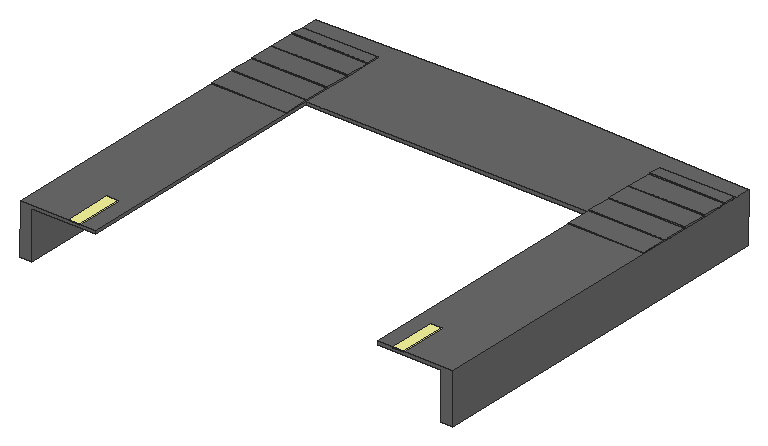
Revit family "Dock_Shelter_Nova-Tech_RF", category Generic Models, Revit 2017
Family settings
  Can host rebar = No
  Round Connector Dimension = Use Diameter
  Part Type = Normal
  OmniClass Number = 23.50.70.24
  OmniClass Title = Seals and Shelters
  Work Plane-Based = Yes
  Always vertical = No
  Cut with Voids When Loaded = No
  Shared = No
  Room Calculation Point = No
Parameters
  projectionabs [instance] = abs(Projection_Top - Projection_Bottom) / 0' 1"  # 0
  guidelength [instance] = if(Full Length Guide Strip, Unit Height - Curtain Drop - 0' 7 1/2", 1' 3")  # 1' - 3"
  faceangle [instance] = if(Projection_Top > Projection_Bottom, atan(projectionabs / ((Unit Height + Header Height) / 0' 1")), -atan(projectionabs / ((Unit Height + Header Height) / 0' 1")))  # 0.00°
  Warranty Duration (Years) = 0
  Unit Width [instance] = (Opening Width + (Panel Width_Front * 2))  # 11' - 6"
  Unit Height [instance] = 10' - 0"
  Unit Depth [instance] = if(Projection_Top > Projection_Bottom, Projection_Top, Projection_Bottom)  # 1' - 4"
  URL = "http://www.novalocks.com/"
  Test Data = ""
  Specification = "http://arcat.com/arcatcos/cos43/arc43493.html?isac=1&r=2"
  SpecWizard = ""
  Send Message = "http://www.arcat.com/users.pl?action=UserEmail&company=Nova+Technology&coid=43493&rep=132&fax=262-502-1511&mf="
  Sales Information = "http://www.novalocks.com/general-contact-info/"
  Revision = "R1_02-2013"
  Pull Rope System for Drop Curtain [instance] = yes
  Projection_Top [instance] = 1' - 4"
  Projection_Bottom [instance] = 1' - 4"
  Product Properties = ""
  Product Data = "http://arcat.com/arcatcos/cos43/arc43493.html?isac=1&r=2"
  Panel Width_Front [instance] = 2' - 0"
  Panel Width_Back = 0' - 3 5/8"
  Overall Height [instance] = Unit Height + Header Height  # 10' - 0"
  Opening Width Minimum = 6' - 6"
  Opening Width Maximum = 8' - 6"
  Opening Width [instance] = 7' - 6"
  Opening Height Minimum = 3' - 0"
  Opening Height Maximum = 12' - 0"
  Opening Height [instance] = Unit Height + Header Height  # 10' - 0"
  Model = "As Specified"
  Material = Polyethylene Sheeting - Black
  Manufacturer Website = "http://www.novalocks.com/"
  Manufacturer Phone - Toll Free = "800-236-7325"
  Manufacturer Phone = "262-502-1591"
  Manufacturer Fax = "262-502-1511"
  Manufacturer Address = "N90 W14507 Commerce Dr. Menomonee Falls, WI 53051"
  Manufacturer = "Nova Technology"
  Maintenance Schedule (Months) = 0
  Keynote = "11160"
  Installation-Fabrication = ""
  Installation Phase = ""
  Header Height = 0' - 0"  # constant formula
  Guide Color = Polyethylene Sheeting - Yellow
  Green Building-LEED = ""
  Full Length Guide Strip [instance] = no
  Expected Lifespan (Years) = 0
  Drop Curtain [instance] = yes
  Drawn By = "Sumex Design, Inc. / Robert S. Weygant, CSI, CDT, SCIP"
  Description = "Nova Technology Dock Seal as Specified"
  Default Elevation = 4' - 0"
  Curtain Drop [instance] = 3' - 0"
  Copyright = "©Arcat Inc."
  Construction Details = ""
  Building Codes = ""
  Assembly Code = "E1030300"
Reference planes (in)
  plane 1 "Base": y = 0
  plane 2 "Host": z = 0
  plane 3 "Center (Left/Right)": x = 0
  plane 4 "OH": y = 120
  plane 5 "Left": x = -45
  plane 6 "Right": x = 45
  plane 7 "Front": z = 16
  plane 8: x = -69
  plane 9: x = 69
  plane 10: x = -45
  plane 11: x = 45
  plane 12: y = 120
  plane 13: y = 84
  plane 14: z = 16
  plane 15: z = 16
  plane 16: x = -65.375
  plane 17: x = 65.375
  plane 18: z = 15.75
  plane 19: y = 76.5
  plane 20: y = 15
Forms (in)
  Extrusion 1, solid, material "Polyethylene Sheeting - Black" <- "Material"
    sketch origin (0, 0, 0) x (0, 1, 0) y (0, 0, 1)
      loop
        line (0, 0) -> (120, 0) -> (120, 16) -> (0, 16) -> (0, 0)
    from -69 to 69
  Extrusion 2, void
    sketch origin (0, 0, 0) x (0, 1, 0) y (0, 0, 1)
      loop
        line (84, 0) -> (84, 16) -> (0, 16) -> (0, 0) -> (84, 0)
    from -45 to 45
  Extrusion 3, void
    sketch origin (0, 0, 0) x (1, 0, 0) y (0, 1, 0)
      loop
        line (-69, 122) -> (-69, 118) -> (0, 120) -> (69, 118) -> (69, 122) -> (-69, 122)
    from 0 to 16
  Extrusion 4, void
    sketch origin (0, 0, 0) x (0, 1, 0) y (0, 0, 1)
      loop
        line (0, 15) -> (0, 0) -> (114.10339, 0) -> (114.10339, 15) -> (0, 15)
    from -65.375 to 65.375
  Extrusion 5, solid, material "Polyethylene Sheeting - Yellow" <- "Guide Color"
    sketch origin (45, 170.28931, 48) x (0, 1, 0) y (0, 0, 1)
      loop
        line (-155.28931, -32) -> (-155.28931, -31.75) -> (-170.28931, -31.75) -> (-170.28931, -32) -> (-155.28931, -32)
    from 5 to 8.5
  Extrusion 6, solid, material "Polyethylene Sheeting - Yellow" <- "Guide Color"
    sketch origin (-45, 170.28931, 48) x (0, 1, 0) y (0, 0, 1)
      loop
        line (-155.28931, -32) -> (-155.28931, -31.75) -> (-170.28931, -31.75) -> (-170.28931, -32) -> (-155.28931, -32)
    from -5 to -8.5
Cuts and joins
  Extrusion 2, Extrusion 3, Extrusion 4 cuts Extrusion 1
Lines and regions (in)
  reference lines
    curve 1: line (0, 76.5, 16) -> (0, 76.5, 19.45777)
Dimensions and locks (in)
  equal spacing: plane 5 "Left", plane 3 "Center (Left/Right)", plane 6 "Right"
  equal spacing: plane 8, plane 3 "Center (Left/Right)", plane 9
  "Opening Width": plane 5 "Left" to plane 6 "Right"
  "Unit Width": plane 8 to plane 9
  "Unit Height": plane 1 "Base" to plane 4 "OH"
  "Unit Depth": plane 7 "Front" to level
  "Panel Width_Front": plane 8 to plane 10
  "Panel Width_Front": plane 11 to plane 9
  "Header Height": plane 12 to plane 4 "OH"
  "Curtain Drop": plane 4 "OH" to plane 13
  "Projection_Top": plane 14 to level
  "Projection_Bottom": plane 15 to level
  "Panel Width_Back": plane 8 to plane 16
  "Panel Width_Back": plane 17 to plane 9
  locked: Extrusion 3 sketch curve to plane 12 at 2
  locked: plane 12 to Extrusion 3 sketch curve at 2  (x2)
  locked: plane 7 "Front" to plane 18 at 0.25
  locked: Extrusion 4 sketch curve to plane 12 at 5.89661
  locked: plane 13 to plane 19 at 7.5
  "guidelength": plane 1 "Base" to plane 20
  locked: Extrusion 5 sketch curve to cut or joined group of Extrusion 1, Extrusion 2, Extrusion 3, Extrusion 4 at 0.25
  locked: Extrusion 6 sketch curve to cut or joined group of Extrusion 1, Extrusion 2, Extrusion 3, Extrusion 4 at 0.25
  locked: cut or joined group of Extrusion 1, Extrusion 2, Extrusion 3, Extrusion 4 to Extrusion 4 sketch curve at 1
  "faceangle": angle plane 4 "OH" to curve 1
  aligned and locked: plane 1 "Base" to Extrusion 1 sketch curve
  aligned and locked: Extrusion 1 sketch curve to level
  aligned and locked: plane 9 to Extrusion 1
  aligned and locked: plane 12 to Extrusion 1 sketch curve  (x2)
  aligned and locked: plane 14 to Extrusion 1 sketch curve
  aligned and locked: Extrusion 1 to plane 8
  aligned and locked: Extrusion 2 sketch curve to level
  aligned and locked: Extrusion 2 sketch curve to plane 7 "Front"
  aligned and locked: plane 1 "Base" to Extrusion 2 sketch curve
  aligned and locked: plane 11 to Extrusion 2
  aligned and locked: Extrusion 2 to plane 10
  aligned and locked: plane 9 to nested 2
  aligned and locked: plane 15 to Extrusion 1 sketch curve
  aligned and locked: plane 8 to nested 1
  aligned and locked: nested 1 to cut or joined group of Extrusion 1, Extrusion 2, Extrusion 3, Extrusion 4
  aligned and locked: plane 15 to curve 1
  aligned and locked: Extrusion 3 sketch curve to plane 8
  aligned and locked: Extrusion 3 to plane 7 "Front"
  aligned and locked: plane 13 to Extrusion 2 sketch curve
  aligned and locked: Extrusion 4 sketch curve to plane 1 "Base"
  aligned and locked: plane 17 to Extrusion 4
  aligned and locked: Extrusion 4 to plane 16
  aligned and locked: curve 1 to nested 2
  aligned and locked: nested 1 to curve 1
  aligned and locked: plane 19 to curve 1
  aligned and locked: plane 1 "Base" to Extrusion 5 sketch curve
  aligned and locked: cut or joined group of Extrusion 1, Extrusion 2, Extrusion 3, Extrusion 4 to Extrusion 5 sketch curve
  aligned and locked: cut or joined group of Extrusion 1, Extrusion 2, Extrusion 3, Extrusion 4 to Extrusion 6 sketch curve
  aligned and locked: Extrusion 6 sketch curve to plane 1 "Base"
  aligned and locked: plane 20 to Extrusion 5 sketch curve
  aligned and locked: plane 20 to Extrusion 6 sketch curve
Automatic sketch dimensions
  Extrusion 3 sketch curve to plane 3 "Center (Left/Right)" = 0' - 0"
  Extrusion 3 sketch curve to plane 9 = 0' - 0"
  Extrusion 3 sketch curve to plane 4 "OH" = 0' - 0"
  Extrusion 4 sketch curve to level = 0' - 0"
Nested families (in)
  nested 1: "Pleats" at (-69, 76.5, 16), Width <- "Panel Width_Front", Full Length Guide Strip <- "Full Length Guide Strip", Unit Height <- "Curtain Drop", type "8in Spacing"
    with lastpleat yes, Width 2' - 0", Unit Height 3' - 0", Remainder 0' - 4", Pleatscount 3.4, Pleats 3, Last Pleat 0' - 4", Guide Strip Length 2' - 0", Full Length Guide Strip no
  nested 2: "Pleats" at (69, 76.5, 16) x (-1, 0, 0) z (0, 0, 1), Width <- "Panel Width_Front", Full Length Guide Strip <- "Full Length Guide Strip", Unit Height <- "Curtain Drop", type "8in Spacing"
    with lastpleat yes, Width 2' - 0", Unit Height 3' - 0", Remainder 0' - 4", Pleatscount 3.4, Pleats 3, Last Pleat 0' - 4", Guide Strip Length 2' - 0", Full Length Guide Strip no
Definition of nested family "Pleats"
  Parameters
    lastpleat [instance] = Remainder > 0' 0"  # yes
    Width [instance] = 1' - 0"
    Unit Height [instance] = 3' - 0"
    Pleatscount [instance] = (Unit Height / Pleat Spacing) - 1.1  # 3.4
    Pleats [instance] = Pleatscount  # 3
    Pleat Spacing = 0' - 8"
    Material = none
    Remainder [instance] = Unit Height - ((Pleats + 1) * (Pleat Spacing / 0' 1")) * 0' 1"  # 0' - 4"
    Last Pleat [instance] = if(Remainder = 0' 0", Pleat Spacing, Remainder)  # 0' - 4"
    Guide Strip Length [instance] = if(Full Length Guide Strip, Unit Height, 2' 0")  # 3' - 0"
    Guide Strip = none
    Full Length Guide Strip [instance] = yes
    Default Elevation = 4' - 0"
    Assembly Code = ""
    Armor Pleats = yes
  Reference planes (in)
    plane 1 "Center (Front/Back)": y = 0
    plane 2: z = 0
    plane 3 "Center (Left/Right)": x = 0
    plane 4: x = 12
    plane 5: y = 36
  Forms (in)
    Extrusion 1, solid, material <- "Material", visible <- "Armor Pleats"
      sketch origin (0, 0, 0) x (0, 1, 0) y (0, 0, 1)
        loop
          line (0, 0) -> (8, 0) -> (8, 0.25) -> (0, 0.25) -> (0, 0)
      from 0 to 12
    Extrusion 2, solid, material <- "Material", visible <- "lastpleat"
      sketch origin (0, 0, 0) x (0, 1, 0) y (0, 0, 1)
        loop
          line (32, 0) -> (36.03125, 0) -> (36.03125, 0.24805) -> (32, 0.5) -> (32, 0)
      from 0 to 12
  Lines and regions (in)
    model lines
      curve 1: line (0, 0, 0) -> (0, 0, 0.25)
      curve 2: line (0, 0, 0) -> (0, 9, 0)
  Dimensions and locks (in)
    "Width": plane 3 "Center (Left/Right)" to plane 4
    equal spacing: group 1, group 2, group 3  (x3)
    locked: plane 1 "Center (Front/Back)" to Extrusion 1 sketch curve at 8
    "Unit Height": plane 1 "Center (Front/Back)" to plane 5
    "Pleat Spacing": nested 1 to nested 2
    locked: plane 1 "Center (Front/Back)" to nested 1 at 8
    "Last Pleat": Extrusion 2 sketch curve to plane 5
    locked: plane 5 to Extrusion 2 sketch curve at 0.03125
    aligned and locked: plane 3 "Center (Left/Right)" to nested 1
    aligned and locked: plane 4 to nested 1
    aligned and locked: plane 3 "Center (Left/Right)" to nested 2
    aligned and locked: plane 4 to nested 2
    aligned and locked: Extrusion 1 to plane 4
    aligned and locked: Extrusion 2 to plane 4
    aligned and locked: Extrusion 2 to plane 3 "Center (Left/Right)"
  Automatic sketch dimensions
    curve 1 to plane 1 "Center (Front/Back)" = 0' - 0"
    curve 2 to level = 0' - 0"
    curve 1 to curve 2 = 0' - 9"
    curve 1 to curve 1 = 0' - 0 1/4"
    Extrusion 1 sketch curve to level = 0' - 0"
    level to Extrusion 1 sketch curve = 0' - 0 1/4"
    Extrusion 1 sketch curve to plane 1 "Center (Front/Back)" = 0' - 0"
    Extrusion 2 sketch curve to level = 0' - 0"
    level to Extrusion 2 sketch curve = 0' - 0.24805"
    Extrusion 2 sketch curve to Extrusion 2 sketch curve = 0' - 0 1/2"
  Nested families (in)
    nested 1: "Pleat" at (0, 8, 0), Width <- "Width", visible <- "Armor Pleats", Mat <- "Material", Pleat Spacing <- "Pleat Spacing", type "Pleat"
      with Width 1' - 0", Pleat Spacing 0' - 8", Mat none
    nested 2: "Pleat" at (0, 16, 0), Width <- "Width", visible <- "Armor Pleats", Mat <- "Material", Pleat Spacing <- "Pleat Spacing", type "Pleat"
      with Width 1' - 0", Pleat Spacing 0' - 8", Mat none
    nested 3: "Pleat" at (0, 24, 0), Width <- "Width", visible <- "Armor Pleats", Mat <- "Material", Pleat Spacing <- "Pleat Spacing", type "Pleat"
      with Width 1' - 0", Pleat Spacing 0' - 8", Mat none
  Definition of nested family "Pleat"
    Parameters
      Width [instance] = 1' - 0"
      Pleat Spacing [instance] = 0' - 8"
      Mat [instance] = none
      Armor Pleats = yes
    Reference planes (in)
      plane 1 "Center (Front/Back)": y = 0
      plane 2: z = 0
      plane 3 "Center (Left/Right)": x = 0
      plane 4: x = 12
    Forms (in)
      Extrusion 1, solid, material <- "Mat"
        sketch origin (0, -9, 0) x (0, 1, 0) y (0, 0, 1)
          loop
            line (9, 0) -> (17, 0) -> (17, 0.21875) -> (9, 0.4375) -> (9, 0)
        from 0 to 12
    Dimensions and locks (in)
      "Width": plane 3 "Center (Left/Right)" to plane 4
      "Pleat Spacing": Extrusion 1 sketch curve to Extrusion 1 sketch curve
      aligned and locked: Extrusion 1 to plane 4
      aligned and locked: Extrusion 1 to plane 3 "Center (Left/Right)"
    Automatic sketch dimensions
      Extrusion 1 sketch curve to plane 1 "Center (Front/Back)" = 0' - 0"
      Extrusion 1 sketch curve to level = 0' - 0"
      Extrusion 1 sketch curve to Extrusion 1 sketch curve = 0' - 0 7/16"
      level to Extrusion 1 sketch curve = 0' - 0 7/32"
